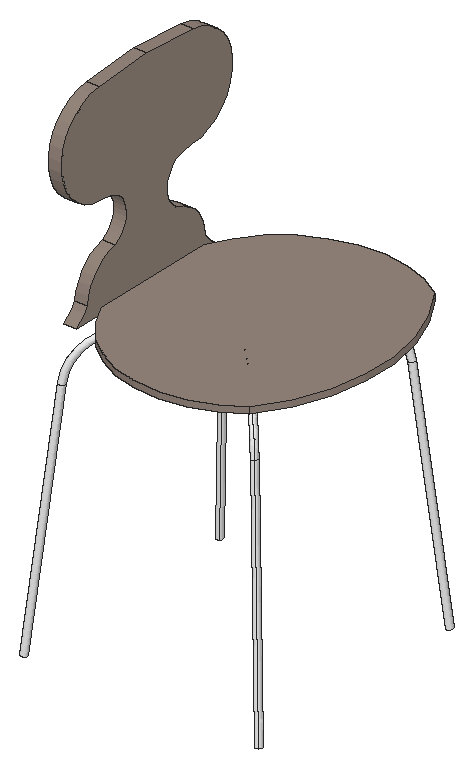
Revit family "Chair 3", category Furniture, Revit 2026
Family settings
  Work Plane-Based = No
  Enable Cutting in Views = No
  Always vertical = Yes
  Cut with Voids When Loaded = No
  Render Appearance Source = Family Geometry
  Shared = No
  Room Calculation Point = No
Parameters
  Keynote = "12600"
  Manufacturer = ""
  Default Elevation = 0 mm
  Bracket Material = Herman Miller - Finish 47 Trivalent Chrome
  Model = ""
  Cushion/Chair Back Material = Herman Miller - Veneer Z5 Maple
Reference planes
  plane 1 "Center F/B": y = -198.997
  plane 2: z = 0
  plane 3 "Center L/R": x = -1.022
Forms (mm)
  Sweep 1, solid, material "Herman Miller - Finish 47 Trivalent Chrome" <- "Bracket Material"
    path origin (61.052, -65.204, 45) x (0, 0, -1) y (0.707107, -0.707107, 0)
      loop
        line (45, -82.843) -> (-332.364, -36.508)
        arc (-332.364, -36.508) -> (-382.531, -10.114) -> (-402.615, 42.895) r 80
        line (-402.615, 42.895) -> (-402.615, 181.322)
    profile origin (18.855, -23.007, 188.682) x (-0.701836, 0.701836, 0.121869) y (-0.707107, -0.707107, 0)
      loop
        circle (0, 0) r 5
  Sweep 2, solid, material "Herman Miller - Finish 47 Trivalent Chrome" <- "Bracket Material"
    path origin (57.516, -325.168, 45) x (0, 0, -1) y (0.707107, 0.707107, 0)
      loop
        line (45, -82.843) -> (-332.364, -36.508)
        arc (-332.364, -36.508) -> (-382.531, -10.114) -> (-402.615, 42.895) r 80
        line (-402.615, 42.895) -> (-402.615, 181.322)
    profile origin (15.319, -367.364, 188.682) x (-0.701836, -0.701836, 0.121869) y (0.707107, -0.707107, 0)
      loop
        circle (0, 0) r 5
  Sweep 3, solid, material "Herman Miller - Finish 47 Trivalent Chrome" <- "Bracket Material"
    path origin (303.338, -65.204, 45) x (0, 0, -1) y (0.707107, 0.707107, 0)
      loop
        line (45, 82.843) -> (-332.364, 36.508)
        arc (-332.364, 36.508) -> (-382.531, 10.114) -> (-402.615, -42.895) r 80
        line (-402.615, -42.895) -> (-402.615, -181.322)
    profile origin (345.535, -23.007, 188.682) x (0.701836, 0.701836, 0.121869) y (-0.707107, 0.707107, 0)
      loop
        circle (0, 0) r 5
  Sweep 4, solid, material "Herman Miller - Finish 47 Trivalent Chrome" <- "Bracket Material"
    path origin (306.873, -325.168, 45) x (0, 0, -1) y (0.707107, -0.707107, 0)
      loop
        line (45, 82.843) -> (-332.364, 36.508)
        arc (-332.364, 36.508) -> (-382.531, 10.114) -> (-402.615, -42.895) r 80
        line (-402.615, -42.895) -> (-402.615, -181.322)
    profile origin (349.07, -367.364, 188.682) x (0.701836, -0.701836, 0.121869) y (0.707107, 0.707107, 0)
      loop
        circle (0, 0) r 5
  Extrusion 5, solid, material "Herman Miller - Veneer Z5 Maple" <- "Cushion/Chair Back Material"
    sketch origin (0, 0, 0) x (1, 0, 0) y (0, 1, 0)
      loop
        arc (340, -9.099) -> (152.776, 17.913) -> (32.728, -128.274) r 192.616
        line (32.728, -128.274) -> (32.728, -249.923)
        arc (32.728, -249.923) -> (152.776, -396.11) -> (340, -369.099) r 192.616
        arc (340, -369.099) -> (400.673, -189.099) -> (340, -9.099) r 297.34
    from 450 to 460
  Extrusion 6, solid, material "Herman Miller - Veneer Z5 Maple" <- "Cushion/Chair Back Material"
    sketch origin (390, -409.099, -27.081) x (0, 0, -1) y (0, 1, 0)
      loop
        arc (-498.809, 95.839) -> (-486.21, 86.065) -> (-477.081, 72.99) r 53.087
        line (-477.081, 72.99) -> (-477.081, 347.212)
        arc (-477.081, 347.212) -> (-486.21, 334.138) -> (-498.809, 324.364) r 53.087
        arc (-498.809, 324.364) -> (-539.073, 308.301) -> (-561.143, 270.989) r 67.175
        arc (-561.143, 270.989) -> (-601.737, 249.17) -> (-634.197, 281.887) r 38.521
        line (-634.197, 281.887) -> (-636.604, 298.938)
        arc (-636.604, 298.938) -> (-714.694, 376.726) -> (-796.127, 302.444) r 79.872
        line (-796.127, 302.444) -> (-802.584, 210.101) -> (-796.127, 117.759)
        arc (-796.127, 117.759) -> (-714.694, 43.477) -> (-636.604, 121.265) r 79.872
        line (-636.604, 121.265) -> (-634.197, 138.316)
        arc (-634.197, 138.316) -> (-601.737, 171.033) -> (-561.143, 149.213) r 38.521
        arc (-561.143, 149.213) -> (-539.073, 111.901) -> (-498.809, 95.839) r 67.175
    from -367.272 to -347.272
Dimensions and locks
  aligned and locked: plane 1 "Center F/B" to Extrusion 6
